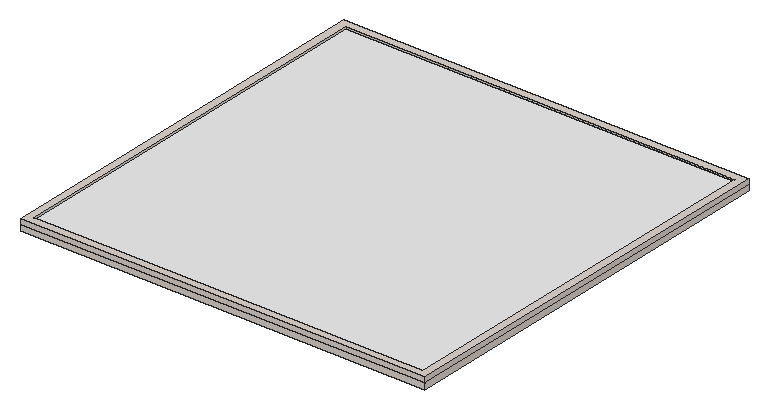
Revit family "SKY LED FLAT PANEL", category Lighting Fixtures, host Face, Revit 2020 (continued)
Types (13): name | Wattage | WATTS | built-in parameter 1150134 | Replaces/Equiv.(MH) | Photometric Web File | Order number | built-in parameter 1150142 | Model | built-in parameter 1150105 | Lumens | built-in parameter 1150107 | built-in parameter 1150106 | Fixture Width | Fixture Length | Default Elevation | Apparent Load
      1.49     \r\n 1.55     1.60     1.65     1.70     1.76     1.81     1.87     1.93     1.98     2.04     \r\n 2.10     2.16     2.22     2.28     2.34     2.39     2.44     2.49     2.54     2.57     \r\n 2.60     2.63     2.64     2.67     2.69     2.72     2.74     2.77     2.79     2.81     \r\n 2.83     2.85     2.87     2.89     2.90     2.92     2.94     2.97     2.99     3.01     \r\n 3.03     3.06     3.08     3.11     3.13     3.15     3.19     3.20     3.24     3.26     \r\n 3.29     3.32     3.35     3.38     3.42     3.45     3.49     3.52     3.54     3.54     \r\n 3.55     3.54     3.53     3.52     3.52     3.51     3.51     3.50     3.50     3.49     \r\n 3.48     3.48     3.47     3.47     3.47     3.46     3.46     3.46     3.46     3.46     \r\n 3.08     \r\n1216.96  1217.22  1217.43  1216.38  1214.91  1212.02  1209.95  1207.67  1203.87  1200.67  \r\n 1198.03  1192.93  1188.26  1183.37  1177.67  1173.35  1165.57  1159.98  1151.33  1144.30  \r\n 1137.31  1128.22  1120.31  1111.76  1100.86  1091.39  1082.76  1070.67  1060.36  1049.89  \r\n 1038.18  1027.42  1013.67  1002.04  988.04   974.60   961.85   948.14   934.64   919.63   \r\n 904.23   890.73   875.00   858.94   843.39   826.82   809.88   793.22   775.61   758.84   \r\n 741.84   724.01   704.62   687.45   668.33   650.41   630.57   611.88   592.38   573.03   \r\n 552.84   533.67   513.09   493.81   473.15   453.06   432.15   412.42   391.46   371.53   \r\n 350.78   330.40   310.24   289.77   270.05   250.07   230.69   211.32   192.34   173.39   \r\n 155.10   137.17   119.77   102.58   86.13    70.68    55.24    40.47    26.18    12.64    \r\n 2.90     1.05     1.10     1.17     1.25     1.33     1.41     1.49     1.57     1.65     \r\n 1.72     1.78     1.84     1.89     1.95     2.01     2.07     2.13     2.20     2.26     \r\n 2.32     2.39     2.46     2.52     2.58     2.63     2.69     2.74     2.79     2.83     \r\n 2.86     2.88     2.90     2.92     2.94     2.95     2.96     2.97     2.97     2.98     \r\n 2.99     3.00     3.01     3.02     3.03     3.04     3.05     3.06     3.07     3.08     \r\n 3.08     3.10     3.11     3.11     3.13     3.15     3.19     3.24     3.30     3.33     \r\n 3.35     3.37     3.40     3.41     3.45     3.47     3.49     3.52     3.55     3.58     \r\n 3.61     3.64     3.66     3.65     3.64     3.64     3.63     3.62     3.61     3.61     \r\n 3.60     3.59     3.59     3.58     3.57     3.57     3.56     3.56     3.56     3.55     \r\n 3.08     \r\n1216.96  1217.93  1216.79  1216.13  1213.51  1213.45  1208.81  1207.82  1204.13  1199.85  \r\n 1197.50  1192.98  1186.45  1182.71  1177.13  1172.24  1164.31  1158.82  1151.70  1143.22  \r\n 1134.22  1126.52  1119.52  1108.68  1099.82  1091.58  1080.35  1069.70  1059.34  1047.34  \r\n 1037.34  1024.33  1013.27  999.74   987.13   975.55   961.72   947.68   933.01   919.62   \r\n 904.64   890.00   874.95   858.53   843.24   826.90   811.23   793.63   777.26   760.40   \r\n 742.52   724.47   706.07   689.28   669.94   652.02   632.29   613.85   594.36   574.82   \r\n 555.07   535.02   515.27   496.06   474.99   455.10   434.70   414.02   393.99   373.13   \r\n 353.02   332.63   312.37   292.01   272.60   252.34   232.83   213.29   194.37   175.47   \r\n 157.02   139.18   121.33   104.27   87.50    71.83    56.06    41.59    26.82    13.46    \r\n 3.38     1.11     1.11     1.18     1.26     1.33     1.41     1.49     1.57     1.65     \r\n 1.72     1.77     1.83     1.89     1.95     2.01     2.07     2.13     2.19     2.26     \r\n 2.32     2.39     2.45     2.51     2.57     2.62     2.68     2.73     2.78     2.81     \r\n 2.84     2.87     2.89     2.91     2.92     2.94     2.96     2.98     3.00     3.02     \r\n 3.03     3.04     3.06     3.07     3.09     3.10     3.11     3.12     3.13     3.15     \r\n 3.16     3.17     3.19     3.20     3.22     3.25     3.29     3.33     3.41     3.45     \r\n 3.47     3.50     3.53     3.56     3.59     3.62     3.66     3.69     3.72     3.73     \r\n 3.72     3.72     3.71     3.70     3.68     3.68     3.67     3.65     3.64     3.63     \r\n 3.62     3.61     3.60     3.59     3.58     3.57     3.56     3.55     3.54     3.52     \r\n 3.08     \r\n1216.96  1216.70  1215.17  1212.40  1212.79  1209.62  1208.59  1203.62  1201.39  1196.75  \r\n 1192.38  1188.51  1184.05  1178.95  1172.99  1167.35  1160.84  1153.03  1146.12  1137.92  \r\n 1130.88  1122.38  1113.06  1104.70  1095.22  1085.63  1076.01  1066.50  1055.23  1043.16  \r\n 1032.18  1021.36  1008.26  996.27   983.75   971.65   957.02   943.92   930.51   915.63   \r\n 901.69   886.83   871.19   856.44   840.81   824.43   808.32   792.43   775.10   758.97   \r\n 741.69   724.16   705.71   688.79   670.04   651.37   632.61   614.82   594.90   575.76   \r\n 555.81   536.03   515.81   496.27   475.59   455.50   434.95   413.95   393.76   373.38   \r\n 353.09   331.67   311.62   290.83   270.84   250.88   231.21   211.28   192.17   173.25   \r\n 154.97   136.40   118.88   101.56   84.93    69.41    53.89    39.19    24.85    11.47    \r\n 2.49     1.15     1.15     1.20     1.28     1.36     1.44     1.52     1.59     1.67     \r\n 1.73     1.78     1.84     1.90     1.97     2.03     2.08     2.15     2.21     2.27     \r\n 2.34     2.40     2.46     2.51     2.57     2.62     2.67     2.72     2.75     2.78     \r\n 2.81     2.84     2.86     2.89     2.91     2.94     2.96     2.98     3.00     3.02     \r\n 3.03     3.05     3.06     3.08     3.09     3.11     3.12     3.14     3.15     3.17     \r\n 3.18     3.20     3.22     3.24     3.26     3.29     3.33     3.39     3.47     3.51     \r\n 3.54     3.57     3.59     3.62     3.64     3.66     3.67     3.68     3.68     3.67     \r\n 3.66     3.64     3.63     3.62     3.61     3.59     3.59     3.57     3.57     3.56     \r\n 3.55     3.54     3.53     3.52     3.51     3.50     3.49     3.48     3.47     3.47     \r\n 3.08     \r\n1216.96  1218.20  1215.49  1215.02  1212.59  1211.54  1207.80  1205.03  1201.00  1197.40  \r\n 1194.25  1188.56  1183.82  1178.77  1173.65  1167.10  1161.61  1153.42  1147.40  1139.45  \r\n 1132.10  1124.17  1115.32  1106.22  1098.78  1087.93  1079.20  1068.42  1058.14  1047.85  \r\n 1036.55  1025.87  1012.77  1002.13  990.11   976.31   965.01   950.57   936.84   923.65   \r\n 909.46   894.19   880.23   865.09   850.13   834.10   817.81   802.04   785.33   768.10   \r\n 751.60   733.38   715.67   697.64   679.22   659.67   640.74   621.16   601.88   581.95   \r\n 561.94   541.96   521.33   501.05   480.64   459.70   438.69   418.26   397.55   376.47   \r\n 355.93   334.36   314.13   293.80   273.31   252.50   232.95   213.08   193.93   174.71   \r\n 156.33   137.95   119.71   102.54   85.63    69.83    54.00    39.51    24.87    11.90    \r\n 2.75     1.17     1.16     1.23     1.31     1.38     1.46     1.54     1.61     1.67     \r\n 1.73     1.79     1.85     1.91     1.97     2.03     2.09     2.15     2.22     2.28     \r\n 2.34     2.40     2.46     2.52     2.57     2.62     2.67     2.71     2.75     2.78     \r\n 2.81     2.84     2.87     2.90     2.92     2.95     2.97     2.99     3.01     3.03     \r\n 3.05     3.06     3.08     3.09     3.11     3.12     3.13     3.15     3.17     3.18     \r\n 3.20     3.21     3.23     3.25     3.27     3.30     3.34     3.38     3.43     3.45     \r\n 3.46     3.47     3.48     3.49     3.50     3.49     3.49     3.48     3.47     3.46     \r\n 3.45     3.44     3.44     3.43     3.42     3.41     3.41     3.40     3.40     3.39     \r\n 3.38     3.37     3.36     3.35     3.35     3.33     3.33     3.31     3.30     3.29     \r\n 3.08     \r\n1216.96  1216.57  1214.10  1213.33  1210.08  1207.75  1204.87  1201.24  1198.43  1194.43  \r\n 1189.85  1186.48  1181.61  1176.02  1170.69  1164.83  1158.74  1151.80  1144.54  1137.87  \r\n 1130.48  1123.09  1114.40  1105.87  1097.65  1087.95  1078.95  1068.95  1058.94  1048.42  \r\n 1037.85  1027.46  1015.20  1003.62  991.35   978.67   967.87   954.03   941.56   927.30   \r\n 913.29   898.62   884.66   869.61   853.32   836.51   820.73   803.29   786.71   768.04   \r\n 750.19   732.77   713.76   695.39   676.10   657.66   638.59   618.87   599.09   579.28   \r\n 558.87   538.68   518.29   497.82   476.83   456.25   435.27   414.15   393.88   372.53   \r\n 351.99   330.67   310.40   289.31   269.29   249.00   228.79   208.69   189.63   170.31   \r\n 151.76   133.29   115.58   98.21    81.58    66.08    50.59    35.94    22.10    9.50     \r\n 1.98     1.18     1.21     1.27     1.34     1.42     1.50     1.57     1.63     1.68     \r\n 1.74     1.80     1.86     1.92     1.99     2.05     2.11     2.18     2.24     2.31     \r\n 2.37     2.43     2.49     2.54     2.59     2.64     2.68     2.71     2.75     2.78     \r\n 2.81     2.85     2.87     2.90     2.93     2.95     2.97     2.99     3.01     3.03     \r\n 3.04     3.06     3.08     3.09     3.11     3.12     3.14     3.15     3.18     3.18     \r\n 3.20     3.22     3.24     3.25     3.27     3.29     3.32     3.33     3.35     3.36     \r\n 3.39     3.39     3.40     3.40     3.41     3.41     3.41     3.40     3.40     3.39     \r\n 3.38     3.37     3.36     3.35     3.34     3.32     3.31     3.30     3.29     3.28     \r\n 3.26     3.25     3.24     3.23     3.22     3.21     3.20     3.18     3.18     3.16     \r\n 3.08     \r\n1216.96  1216.18  1214.96  1213.18  1211.34  1208.68  1206.76  1202.20  1199.57  1196.28  \r\n 1192.27  1186.86  1182.13  1177.93  1172.48  1165.91  1161.34  1153.66  1147.36  1140.62  \r\n 1133.36  1125.75  1118.43  1110.77  1100.61  1092.32  1083.75  1075.56  1064.16  1055.51  \r\n 1044.88  1034.50  1022.19  1011.89  1000.47  988.38   975.44   962.15   947.69   932.82   \r\n 918.09   903.90   887.96   872.69   856.21   839.42   822.84   805.63   788.43   770.36   \r\n 752.71   735.62   716.68   698.18   678.68   660.42   640.40   621.23   600.74   581.52   \r\n 560.89   540.41   519.76   499.84   479.03   458.48   436.93   416.73   395.69   374.55   \r\n 353.54   332.73   312.19   291.25   270.89   249.80   230.18   210.14   190.71   171.45   \r\n 152.98   134.51   116.19   98.90    81.97    66.18    50.41    36.12    21.86    10.03    \r\n 2.01     1.17     1.21     1.28     1.35     1.42     1.50     1.56     1.61     1.67     \r\n 1.73     1.79     1.86     1.93     1.99     2.06     2.13     2.19     2.25     2.32     \r\n 2.38     2.43     2.48     2.53     2.57     2.61     2.65     2.69     2.72     2.76     \r\n 2.79     2.81     2.84     2.87     2.89     2.92     2.93     2.95     2.97     2.98     \r\n 3.00     3.02     3.03     3.04     3.06     3.07     3.09     3.11     3.13     3.15     \r\n 3.17     3.19     3.21     3.23     3.24     3.26     3.28     3.28     3.29     3.28     \r\n 3.28     3.28     3.27     3.27     3.26     3.26     3.25     3.24     3.23     3.22     \r\n 3.21     3.20     3.19     3.19     3.18     3.18     3.17     3.17     3.16     3.16     \r\n 3.15     3.14     3.14     3.13     3.12     3.12     3.11     3.11     3.10     3.09     \r\n 3.08     \r\n1216.96  1216.07  1215.06  1212.19  1210.25  1207.63  1205.05  1202.24  1198.55  1195.24  \r\n 1191.46  1186.59  1181.61  1177.11  1172.30  1167.12  1159.36  1154.06  1147.18  1141.03  \r\n 1134.67  1128.45  1119.37  1111.14  1104.98  1094.72  1086.47  1077.59  1068.32  1058.04  \r\n 1048.33  1036.62  1026.48  1013.42  1001.13  988.36   975.04   960.58   946.45   931.76   \r\n 917.18   902.15   886.38   870.35   854.35   837.73   821.32   803.49   786.46   769.12   \r\n 750.29   732.40   714.33   695.67   676.56   658.00   638.10   619.03   599.50   579.11   \r\n 558.61   539.62   517.92   497.55   476.94   456.31   435.19   414.09   393.18   372.31   \r\n 350.61   329.93   309.12   288.16   267.24   247.20   226.95   206.66   186.88   167.98   \r\n 149.05   130.33   112.52   95.05    78.37    62.97    47.57    33.34    19.62    8.17     \r\n 1.35     1.14     1.21     1.29     1.36     1.43     1.49     1.55     1.61     1.68     \r\n 1.74     1.82     1.89     1.96     2.03     2.09     2.16     2.22     2.27     2.32     \r\n 2.37     2.42     2.47     2.52     2.56     2.59     2.63     2.66     2.70     2.73     \r\n 2.76     2.79     2.81     2.83     2.85     2.88     2.89     2.92     2.93     2.95     \r\n 2.96     2.98     2.99     3.01     3.02     3.03     3.04     3.05     3.07     3.08     \r\n 3.10     3.11     3.12     3.13     3.14     3.14     3.13     3.13     3.13     3.13     \r\n 3.13     3.13     3.12     3.11     3.10     3.09     3.08     3.07     3.06     3.06     \r\n 3.05     3.04     3.04     3.03     3.04     3.03     3.03     3.03     3.03     3.03     \r\n 3.03     3.03     3.03     3.04     3.04     3.04     3.04     3.05     3.04     3.04     \r\n 3.08     \r\n1216.96  1214.74  1213.63  1212.08  1210.32  1207.75  1203.87  1202.12  1197.67  1195.35  \r\n 1189.91  1185.74  1182.80  1178.29  1171.60  1166.30  1160.92  1155.78  1148.91  1143.71  \r\n 1136.59  1128.43  1121.55  1114.43  1107.86  1097.46  1089.22  1079.70  1070.15  1060.42  \r\n 1050.15  1038.85  1027.28  1015.30  1002.87  989.36   975.13   962.49   948.08   933.00   \r\n 919.14   904.31   887.85   871.34   855.44   839.91   822.89   805.33   787.02   770.56   \r\n 752.44   735.21   715.91   697.95   678.49   659.78   639.76   620.51   600.78   581.09   \r\n 560.41   540.37   518.53   498.52   477.48   456.53   435.21   414.98   393.77   372.27   \r\n 351.15   330.00   309.33   288.63   267.84   246.97   227.10   206.53   187.46   168.02   \r\n 149.41   130.80   112.63   95.41    78.63    62.94    47.43    33.59    19.93    8.39     \r\n 1.33     1.13     1.21     1.28     1.34     1.39     1.46     1.53     1.60     1.67     \r\n 1.74     1.81     1.88     1.95     2.01     2.07     2.13     2.18     2.24     2.29     \r\n 2.34     2.38     2.43     2.47     2.51     2.55     2.58     2.62     2.65     2.68     \r\n 2.71     2.73     2.76     2.78     2.80     2.82     2.84     2.85     2.86     2.88     \r\n 2.89     2.90     2.92     2.93     2.94     2.94     2.96     2.96     2.98     2.99     \r\n 2.99     3.00     3.00     3.00     3.01     3.01     3.00     3.00     3.00     2.98     \r\n 2.97     2.96     2.94     2.93     2.92     2.91     2.91     2.90     2.89     2.89     \r\n 2.89     2.89     2.89     2.90     2.90     2.91     2.91     2.92     2.93     2.94     \r\n 2.95     2.96     2.96     2.97     2.98     2.99     3.00     3.01     3.02     3.02     \r\n 3.08     \r\n1216.96  1215.14  1213.80  1212.08  1210.63  1207.99  1205.40  1201.83  1198.62  1196.69  \r\n 1192.18  1189.25  1182.78  1178.84  1173.84  1169.70  1163.16  1157.61  1151.75  1144.73  \r\n 1139.04  1132.91  1124.94  1116.33  1109.34  1099.80  1091.04  1082.45  1072.37  1062.07  \r\n 1050.50  1040.35  1028.15  1015.77  1002.42  990.06   976.66   961.01   947.86   933.39   \r\n 917.29   902.53   887.13   870.25   854.17   838.30   820.78   803.10   785.88   767.62   \r\n 749.37   730.82   711.82   693.43   673.62   655.33   634.69   615.67   595.18   575.57   \r\n 555.23   534.40   514.09   492.65   472.39   451.11   431.01   409.36   388.16   367.14   \r\n 346.30   325.02   304.18   282.98   262.92   242.34   222.47   202.17   183.04   163.57   \r\n 145.04   126.65   108.84   91.52    75.14    59.84    44.89    31.18    18.22    6.38     \r\n 1.22     1.11     1.18     1.25     1.31     1.39     1.46     1.53     1.61     1.67     \r\n 1.74     1.81     1.88     1.95     2.01     2.07     2.12     2.18     2.23     2.28     \r\n 2.33     2.38     2.42     2.46     2.50     2.54     2.57     2.60     2.63     2.66     \r\n 2.69     2.70     2.72     2.74     2.76     2.77     2.79     2.80     2.81     2.82     \r\n 2.83     2.83     2.84     2.85     2.85     2.85     2.85     2.86     2.87     2.87     \r\n 2.87     2.88     2.89     2.88     2.89     2.88     2.87     2.86     2.84     2.83     \r\n 2.82     2.81     2.80     2.80     2.80     2.79     2.79     2.80     2.80     2.81     \r\n 2.81     2.82     2.82     2.83     2.85     2.86     2.87     2.89     2.90     2.91     \r\n 2.93     2.95     2.96     2.97     2.99     3.00     3.02     3.03     3.04     3.04     \r\n 3.08     \r\n1216.96  1217.39  1215.48  1213.67  1211.01  1208.99  1206.16  120
    3.56  1199.53  1196.81  \r\n 1194.22  1188.83  1184.34  1181.07  1176.09  1171.49  1165.74  1159.31  1153.69  1148.83  \r\n 1141.22  1133.66  1127.30  1118.70  1111.48  1101.91  1092.96  1083.62  1074.29  1063.43  \r\n 1053.32  1041.35  1029.89  1018.05  1004.04  990.90   978.00   963.26   947.97   934.52   \r\n 918.20   903.22   887.36   870.48   853.91   837.17   820.49   802.70   784.29   767.09   \r\n 748.23   729.81   711.26   692.20   672.79   653.89   634.68   614.39   594.58   574.91   \r\n 554.13   534.04   513.03   492.88   471.58   451.17   430.24   409.70   388.63   367.56   \r\n 346.37   325.41   304.35   283.86   263.47   242.86   223.05   202.87   184.05   164.56   \r\n 146.10   127.65   109.84   92.77    76.22    60.77    45.63    32.26    19.17    7.41     \r\n 1.07     1.07     1.14     1.22     1.30     1.37     1.44     1.52     1.59     1.66     \r\n 1.73     1.80     1.87     1.94     2.00     2.07     2.12     2.18     2.22     2.28     \r\n 2.32     2.37     2.41     2.45     2.48     2.52     2.55     2.58     2.60     2.63     \r\n 2.65     2.67     2.69     2.70     2.72     2.73     2.74     2.75     2.75     2.76     \r\n 2.76     2.77     2.77     2.77     2.77     2.77     2.77     2.78     2.78     2.78     \r\n 2.78     2.78     2.79     2.79     2.78     2.77     2.76     2.75     2.75     2.74     \r\n 2.74     2.74     2.74     2.74     2.74     2.75     2.75     2.76     2.77     2.77     \r\n 2.78     2.80     2.82     2.83     2.85     2.86     2.88     2.90     2.92     2.94     \r\n 2.96     2.98     3.00     3.02     3.03     3.05     3.06     3.07     3.08     3.08     \r\n 3.08     \r\n" | "SFLP24D3830" | 278.52 (stored number, unit not read) | 3500 lm | 3000 (stored number, unit not read) | 2.7852 (stored number, unit not read) | 23.74" | 47.80" | 48.00" | 47.5 VA
